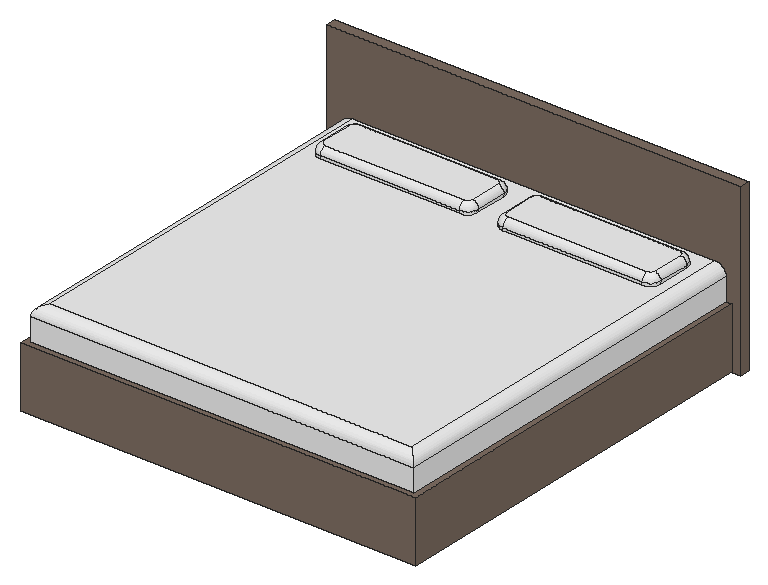
Revit family "Кровать 2-спальная", category Мебель, Revit 2019
Family settings
  Номер OmniClass = 23.40.20.00
  Заголовок OmniClass = General Furniture and Specialties
  На основе рабочей плоскости = Нет
  Всегда вертикально = Да
  При загрузке вырезать с полостями = Нет
  Общий = Нет
  Точка расчета площади = Нет
Parameters
  Ширина [instance] = 2100 mm
  Материал матраса и подушок = Материал кровати матрас и подушка
  Материал каркаса = Материал кровати корпус (каркас)
  Материал изголовья = Материал кровати корпус (каркас)
  Изготовитель = "Литвинчук Артур  --   INT LINES"
  Длина [instance] = 2150 mm
  Выступ изголовья [instance] = 50 mm
  Высота изголовья [instance] = 900 mm
  Высота [instance] = 500 mm
  URL = "lytvynchukartur@gmail.com  --  http://int-lines.ru/"
Reference planes
  plane 1 "По центру (Вперед/Назад)": y = 0
  plane 2: z = 0
  plane 3 "По центру (Влево/Вправо)": x = 0
  plane 4 "1-1": z = 325
  plane 5 "2-2": z = 500
  plane 6: z = 900
  plane 7: x = 2100
  plane 8: x = 1050
  plane 9: y = -2150
Forms (mm)
  Extrusion 1, solid, material "Материал кровати матрас и подушка" <- "Материал матраса и подушок"
    sketch origin (1000, -1290.254, 0) x (1, 0, 0) y (0, 1, 0)
      loop
        line (-1000, 1240.254) -> (-1000, -859.746) -> (1100, -859.746) -> (1100, 1240.254) -> (-1000, 1240.254)
    from 325 to 500
  Extrusion 2, solid, material "Материал кровати корпус (каркас)" <- "Материал изголовья"
    sketch origin (1000, -1290.254, 0) x (1, 0, 0) y (0, 1, 0)
      loop
        line (-1050, 1240.254) -> (1150, 1240.254) -> (1150, 1290.254) -> (-1050, 1290.254) -> (-1050, 1240.254)
    from 0 to 900
  Extrusion 3, solid, material "Материал кровати корпус (каркас)" <- "Материал каркаса"
    sketch origin (1000, -1290.254, -175) x (1, 0, 0) y (0, 1, 0)
      loop
        line (-1000, 1240.254) -> (-1000, -859.746) -> (1100, -859.746) -> (1100, 1240.254) -> (-1000, 1240.254)
    from 175 to 500
  Extrusion 4, solid, material "Материал кровати матрас и подушка" <- "Материал матраса и подушок"
    sketch origin (1906.195, -2814.254, 700) x (0, -1, 0) y (-1, 0, 0)
      loop
        line (-2695.737, 1711.195) -> (-2695.737, 971.953)
        arc (-2695.737, 971.953) -> (-2679.627, 933.062) -> (-2640.737, 916.953) r 55
        line (-2640.737, 916.953) -> (-2470.737, 916.953)
        arc (-2470.737, 916.953) -> (-2431.846, 933.062) -> (-2415.737, 971.953) r 55
        line (-2415.737, 971.953) -> (-2415.737, 1711.195)
        arc (-2415.737, 1711.195) -> (-2431.846, 1750.085) -> (-2470.737, 1766.195) r 55
        line (-2470.737, 1766.195) -> (-2640.737, 1766.195)
        arc (-2640.737, 1766.195) -> (-2679.627, 1750.085) -> (-2695.737, 1711.195) r 55
      loop
        arc (-2695.737, 1.195) -> (-2679.627, -37.696) -> (-2640.737, -53.805) r 55
        line (-2640.737, -53.805) -> (-2470.737, -53.805)
        arc (-2470.737, -53.805) -> (-2431.846, -37.696) -> (-2415.737, 1.195) r 55
        line (-2415.737, 1.195) -> (-2415.737, 740.436)
        arc (-2415.737, 740.436) -> (-2431.846, 779.327) -> (-2470.737, 795.436) r 55
        line (-2470.737, 795.436) -> (-2640.737, 795.436)
        arc (-2640.737, 795.436) -> (-2679.627, 779.327) -> (-2695.737, 740.436) r 55
        line (-2695.737, 740.436) -> (-2695.737, 1.195)
    from 200 to 150
  Sweep 5, void
    path origin (1906.195, -2814.254, 550) x (0, -1, 0) y (1, 0, 0)
      loop
        line (-2415.737, -740.436) -> (-2415.737, -1.195)
        arc (-2415.737, -1.195) -> (-2431.846, 37.696) -> (-2470.737, 53.805) r 55
        line (-2470.737, 53.805) -> (-2640.737, 53.805)
        arc (-2640.737, 53.805) -> (-2679.627, 37.696) -> (-2695.737, -1.195) r 55
        line (-2695.737, -1.195) -> (-2695.737, -740.436)
        arc (-2695.737, -740.436) -> (-2679.627, -779.327) -> (-2640.737, -795.436) r 55
        line (-2640.737, -795.436) -> (-2470.737, -795.436)
        arc (-2470.737, -795.436) -> (-2431.846, -779.327) -> (-2415.737, -740.436) r 55
    profile origin (1535.379, -398.517, 550) x (0, 1, 0) y (0, 0, 1)
      loop
        line (0, 0) -> (0, -36.5)
        arc (0, -36.5) -> (8.431, -13.706) -> (28.5, 0) r 40
        line (28.5, 0) -> (0, 0)
  Sweep 6, void
    path origin (985.436, -2814.254, 550) x (0, -1, 0) y (1, 0, 0)
      loop
        line (-2415.737, -790.436) -> (-2415.737, -51.195)
        arc (-2415.737, -51.195) -> (-2431.846, -12.304) -> (-2470.737, 3.805) r 55
        line (-2470.737, 3.805) -> (-2640.737, 3.805)
        arc (-2640.737, 3.805) -> (-2679.627, -12.304) -> (-2695.737, -51.195) r 55
        line (-2695.737, -51.195) -> (-2695.737, -790.436)
        arc (-2695.737, -790.436) -> (-2679.627, -829.327) -> (-2640.737, -845.436) r 55
        line (-2640.737, -845.436) -> (-2470.737, -845.436)
        arc (-2470.737, -845.436) -> (-2431.846, -829.327) -> (-2415.737, -790.436) r 55
    profile origin (564.621, -398.517, 550) x (0, 1, 0) y (0, 0, 1)
      loop
        line (0, 0) -> (0, -36.5)
        arc (0, -36.5) -> (8.431, -13.706) -> (28.5, 0) r 40
        line (28.5, 0) -> (0, 0)
  Sweep 7, void
    path in 3D
      loop
        line (0, -50, 500) -> (0, -2150, 500) -> (2100, -2150, 500) -> (2100, -50, 500)
    profile origin (0, -1100, 500) x (1, 0, 0) y (0, 0, 1)
      loop
        line (0, 0) -> (0, -175) -> (30, -175) -> (30, -56)
        arc (30, -56) -> (46.402, -16.402) -> (86, 0) r 56
        line (86, 0) -> (0, 0)
Cuts and joins
  Sweep 5, Sweep 6 cuts Extrusion 4
  Sweep 7 cuts Extrusion 1
  Sweep 7 cuts Extrusion 2
  Sweep 7 cuts Extrusion 3
Lines and regions (mm)
  sketch lines
    curve 1: line (0, -50, 500) -> (0, -2150, 500)
    curve 2: line (0, -2150, 500) -> (2100, -2150, 500)
    curve 3: line (2100, -2150, 500) -> (2100, -50, 500)
Dimensions and locks
  "Выступ изголовья": Extrusion 2 to Extrusion 1
  locked: plane 5 "2-2" to plane 4 "1-1" at 175
  "Высота": plane 5 "2-2" to level
  "Высота изголовья": plane 6 to level
  "Ширина": plane 3 "По центру (Влево/Вправо)" to plane 7
  equal spacing: plane 3 "По центру (Влево/Вправо)", plane 8, plane 7
  "Длина": plane 1 "По центру (Вперед/Назад)" to plane 9
  locked: cut or joined group of Extrusion 4, Sweep 5, Sweep 6 to cut or joined group of Extrusion 4, Sweep 5, Sweep 6 at 50  (x2)
  "Выступ изголовья": plane 7 to cut or joined group of Extrusion 2, Sweep 7
  aligned and locked: level to plane 2
  aligned and locked: Extrusion 2 sketch curve to Extrusion 1
  aligned and locked: Extrusion 3 to level
  aligned and locked: plane 4 "1-1" to Extrusion 3
  aligned and locked: plane 5 "2-2" to Extrusion 1
  aligned and locked: Extrusion 1 to plane 4 "1-1"
  aligned and locked: cut or joined group of Extrusion 4, Sweep 5, Sweep 6 to plane 5 "2-2"
  aligned and locked: plane 6 to cut or joined group of Extrusion 2, Sweep 7
Automatic sketch dimensions
  Extrusion 1 sketch curve to plane 3 "По центру (Влево/Вправо)" = 0 mm
  Extrusion 1 sketch curve to plane 7 = 0 mm
  Extrusion 1 sketch curve to plane 9 = 0 mm
  plane 1 "По центру (Вперед/Назад)" to Extrusion 1 sketch curve = 50 mm
  plane 1 "По центру (Вперед/Назад)" to Extrusion 2 sketch curve = 0 mm
  Extrusion 2 sketch curve to plane 3 "По центру (Влево/Вправо)" = 50 mm
  plane 7 to Extrusion 2 sketch curve = 50 mm
  Extrusion 3 sketch curve to plane 3 "По центру (Влево/Вправо)" = 0 mm
  Extrusion 3 sketch curve to plane 7 = 0 mm
  Extrusion 3 sketch curve to plane 9 = 0 mm
  plane 1 "По центру (Вперед/Назад)" to Extrusion 3 sketch curve = 50 mm
  plane 1 "По центру (Вперед/Назад)" to Extrusion 4 sketch curve = 118.517 mm  (x2)
  Extrusion 4 sketch curve to Extrusion 4 sketch curve = 55 mm  (x6)
  Extrusion 4 sketch curve to Extrusion 4 sketch curve = 170 mm  (x4)
  plane 8 to Extrusion 4 sketch curve = 60.758 mm
  Extrusion 4 sketch curve to plane 8 = 60.758 mm
  plane 3 "По центру (Влево/Вправо)" to Extrusion 4 sketch curve = 195 mm
  Extrusion 4 sketch curve to plane 7 = 195 mm
  Sweep 5 sketch curve to Extrusion 4 = 55 mm
  Sweep 5 sketch curve to Sweep 5 sketch curve = 55 mm
  Sweep 5 sketch curve to profile plane = 0 mm  (x2)
  Sweep 5 sketch curve to profile plane = 28.5 mm
  Sweep 5 sketch curve to profile plane = 38.324 mm
  Sweep 5 sketch curve to profile plane = 39.958 mm
  Sweep 6 sketch curve to Extrusion 4 = 55 mm
  Sweep 6 sketch curve to Sweep 6 sketch curve = 55 mm
  Sweep 6 sketch curve to profile plane = 0 mm  (x2)
  Sweep 6 sketch curve to profile plane = 28.5 mm
  Sweep 6 sketch curve to profile plane = 38.324 mm
  Sweep 6 sketch curve to profile plane = 39.958 mm
  Sweep 7 sketch curve to profile plane = 0 mm  (x3)
  Sweep 7 sketch curve to Sweep 7 sketch curve = 30 mm
  Sweep 7 sketch curve to Sweep 7 sketch curve = 56 mm
  Sweep 7 sketch curve to Sweep 7 sketch curve = 119 mm
  Sweep 7 sketch curve to Sweep 7 sketch curve = 0 mm
  radius of Sweep 5 sketch curve to Extrusion 4 = 0 mm  (x2)
  radius of Sweep 6 sketch curve to Extrusion 4 = 0 mm  (x2)
